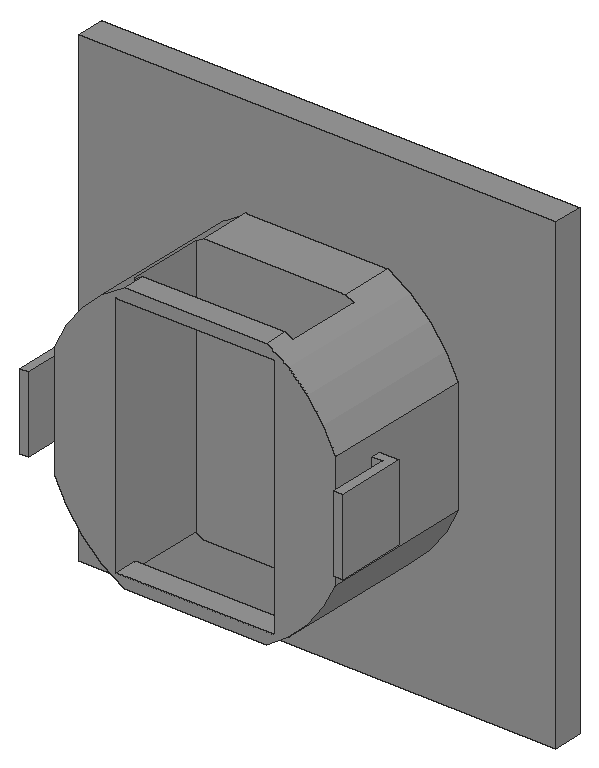
Revit family "IEK_РозеткаТелевизионная_Встраиваемая_Одноместная_КВАРТА", category Устройства связи, Revit 2019
Family settings
  Сохранять ориентацию аннотаций = Да
  Размер круглого соединителя = Использовать диаметр
  Тип детали = Нормальный
  На основе рабочей плоскости = Нет
  Всегда вертикально = Да
  При загрузке вырезать с полостями = Нет
  Общий = Нет
  Точка расчета площади = Нет
Parameters (values of type "РТВ10-ККм")
  Ширина = 81.5 mm  # constant formula
  Тип монтажа = "Встраиваемый"  # constant formula
  Тип соединителя или разъема = "TV-SAT"  # constant formula
  Изготовитель = "IEK"  # constant formula
  Дата изменения = ""
  Глубина = 42.5 mm  # constant formula
  Высота = 80.5 mm  # constant formula
  ΔХ [instance] = 2000 mm
  ΔY [instance] = 2000 mm
  KSI_CPr_Строительные изделия = ""
  KSI_CMa_Строительные материалы = "01.7.14.03"  # constant formula
  IEK_Цена за единицу = 175.56  # constant formula
  IEK_Поиск в таблице имен = ""
  IEK_Описание = "Ассортиментная линейка составлена с учетом тенденций рыночного спроса и включает перечень наиболее актуальных и популярных позиций.\r\nКонструкция шасси позволяет крепить изделие как на винты, так и на распорные лапки в различные типы установочных коробок.\r\nМатериал внутреннего механизма - негорючий АБС-пластик.\r\nШасси розеток и выключателей изготовлены из стали с защитой от коррозии, что обеспечивает надежность и долговечность изделия.\r\nВся продукция соответствует требованиям действующего российского законодательства в области безопасности продукции (ГОСТ IEC 60884-1 - розетки, ГОСТ Р 51324.1-2005 - выключатели, ГОСТ Р 51324.1-2005, ГОСТ Р 51324.2.1-99 - светорегуляторы).\r\nОбразцы новой серии успешно прошли испытания на соответствие требованиям международных стандартов, что подтверждено получением сертификата Таможенного союза, действующего на территории Республики Беларусь, Казахстана и РФ."
  IEK_URL = "https://www.iek.ru/products/catalog/izdeliya_elektroustanovochnye_udliniteli_i_silovye_razemy/elektroustanovochnye_izdeliya/elektroustanovochnye_izdeliya_skrytogo_montazha/elektroustanovochnye_izdeliya_kvarta/elektroustanovochnye_izdeliya_kvarta_tsvet_kremovyy/rozetka_1_mestnaya_televizionnaya_rtv10_kkm_kvarta_kremovyy_iek"
  ADSK_Примечание = ""
  ADSK_Позиция [instance] = ""
  ADSK_Наименование = "Розетка 1-местная телевизионная РТВ10-ККм КВАРТА кремовый IEK"
  ADSK_Материал обозначение = ""
  ADSK_Материал наименование = "АБС-пластик"  # constant formula
  ADSK_Материал = Цвет кремовый
  ADSK_Масса = 0.125
  ADSK_Марка = "КВАРТА"  # constant formula
  ADSK_Код изделия = "EAK10-K33-DM"
  ADSK_Завод-изготовитель = "IEK"  # constant formula
  ADSK_Единица измерения = "шт"  # constant formula
  ADSK_Группирование = ""
  ADSK_Версия семейства = "1.00"  # constant formula
  ADSK_Версия Revit = "2019"  # constant formula
  ADSK_URL страницы изделия = "https://www.iek.ru/products/catalog/izdeliya_elektroustanovochnye_udliniteli_i_silovye_razemy/elektroustanovochnye_izdeliya/elektroustanovochnye_izdeliya_skrytogo_montazha/elektroustanovochnye_izdeliya_kvarta/"
Types (3, lengths in mm): name | IEK_URL | ADSK_Наименование | ADSK_Материал | ADSK_Масса | ADSK_Код изделия
  (no name) | "https://www.iek.ru/products/catalog/izdeliya_elektroustanovochnye_udliniteli_i_silovye_razemy/elektroustanovochnye_izdeliya/elektroustanovochnye_izdeliya_skrytogo_montazha/elektroustanovochnye_izdeliya_kvarta/elektroustanovochnye_izdeliya_kvarta_tsvet_kremovyy/rozetka_1_mestnaya_televizionnaya_rtv10_kkm_kvarta_kremovyy_iek" | "Розетка 1-местная телевизионная РТВ10-ККм КВАРТА кремовый IEK" | Цвет кремовый | 0.125 | "EAK10-K33-DM"
  РТВ10-ККм | "https://www.iek.ru/products/catalog/izdeliya_elektroustanovochnye_udliniteli_i_silovye_razemy/elektroustanovochnye_izdeliya/elektroustanovochnye_izdeliya_skrytogo_montazha/elektroustanovochnye_izdeliya_kvarta/elektroustanovochnye_izdeliya_kvarta_tsvet_kremovyy/rozetka_1_mestnaya_televizionnaya_rtv10_kkm_kvarta_kremovyy_iek" | "Розетка 1-местная телевизионная РТВ10-ККм КВАРТА кремовый IEK" | Цвет кремовый | 0.125 | "EAK10-K33-DM"
  РТВ10-КБ | "https://www.iek.ru/products/catalog/izdeliya_elektroustanovochnye_udliniteli_i_silovye_razemy/elektroustanovochnye_izdeliya/elektroustanovochnye_izdeliya_skrytogo_montazha/elektroustanovochnye_izdeliya_kvarta/elektroustanovochnye_izdeliya_kvarta_tsvet_belyy/rozetka_1_mestnaya_televizionnaya_rtv10_kb_kvarta_belyy_iek" | "Розетка 1-местная телевизионная РТВ10-КБ КВАРТА белый IEK" | Цвет белый | 0.081 | "EAK10-K01-DM"
Reference planes
  plane 1 "По центру (Вперед/Назад)": y = 0
  plane 2: z = 0
  plane 3 "По центру (Влево/Вправо)": x = 0
  plane 4 "Высота ножек": z = 280
  plane 5 "Высота": z = 2081.496
  plane 6: x = -2000
  plane 7: y = 2000
Forms (mm)
  Extrusion 1, solid, material "Цвет кремовый" <- "ADSK_Материал", detail levels fine
    sketch origin (0, 0, 40.187) x (-1, 0, 0) y (0, 0, 1)
      loop
        arc (-12.124, 23) -> (-19.255, 17.479) -> (-24, 9.811) r 25.342
        line (-24, 9.811) -> (-24, -9.811)
        arc (-24, -9.811) -> (-19.255, -17.479) -> (-12.124, -23) r 25.342
        line (-12.124, -23) -> (12.124, -23)
        arc (12.124, -23) -> (19.255, -17.479) -> (24, -9.811) r 25.342
        line (24, -9.811) -> (24, 9.811)
        arc (24, 9.811) -> (19.255, 17.479) -> (12.124, 23) r 25.342
        line (12.124, 23) -> (-12.124, 23)
    from 0 to -26
  Extrusion 2, solid, material "Цвет кремовый" <- "ADSK_Материал", detail levels fine
    sketch origin (0, 0, 40.187) x (-1, 0, 0) y (0, 0, 1)
      loop
        line (-40.75, 40.25) -> (-40.75, -40.25) -> (40.75, -40.25) -> (40.75, 40.25) -> (-40.75, 40.25)
    from 0 to 14.038
  Revolve 3, solid, material "Цвет кремовый" <- "ADSK_Материал", detail levels fine
    sketch origin (0, 0, 40.187) x (0, 0, 1) y (0, 1, 0)
      loop
        line (19.023, 5) -> (21.005, 5) -> (21.005, 13.999)
        arc (21.005, 13.999) -> (20.014, 14.99) -> (19.023, 13.999) r 0.991
        line (19.023, 13.999) -> (19.023, 5)
      axis (0, 13.999) -> (0, 5)
    angle from 0 to 360
  Extrusion 4, void
    sketch origin (0, 0, 40.187) x (-1, 0, 0) y (0, 0, 1)
      loop
        circle (0, 0) r 19.023
    from 5 to 18.875
  Extrusion 5, void
    sketch origin (0.5, 0, 40.974) x (1, 0, 0) y (0, 1, 0)
      loop
        line (40.25, 5) -> (40.25, 18.875) -> (11.84, 18.875) -> (11.84, 14.038) -> (14.912, 14.038)
        spline (14.912, 14.038) -> (16.643, 13.743) -> (18.551, 13.423) -> (20.603, 13.06) -> (22.767, 12.637) -> (25.011, 12.136) -> (27.303, 11.54) -> (29.61, 10.832) -> (31.901, 9.995) -> (34.142, 9.01) -> (36.302, 7.861) -> (38.349, 6.53) -> (40.25, 5)
    from -55.184 to 53.611
  Extrusion 6, void
    sketch origin (0, 0, 40.187) x (-1, 0, 0) y (0, 0, 1)
      loop
        circle (0, 0) r 4.469
      loop
        circle (0, 0) r 2.5
    from 5 to -5
  Extrusion 7, void
    sketch origin (-0.5, 0, 40.974) x (-1, 0, 0) y (0, -1, 0)
      loop
        spline (40.25, -5) -> (38.349, -6.53) -> (36.302, -7.861) -> (34.142, -9.01) -> (31.901, -9.995) -> (29.61, -10.832) -> (27.303, -11.54) -> (25.011, -12.136) -> (22.767, -12.637) -> (20.603, -13.06) -> (18.551, -13.423) -> (16.643, -13.743) -> (14.912, -14.038)
        line (14.912, -14.038) -> (11.84, -14.038) -> (11.84, -18.875) -> (40.25, -18.875) -> (40.25, -5)
    from -55.184 to 53.611
  Extrusion 8, void
    sketch origin (-0.786, 0, 40.187) x (0, 0, -1) y (0, -1, 0)
      loop
        spline (40.25, -5) -> (38.349, -6.53) -> (36.302, -7.861) -> (34.142, -9.01) -> (31.901, -9.995) -> (29.61, -10.832) -> (27.303, -11.54) -> (25.011, -12.136) -> (22.767, -12.637) -> (20.603, -13.06) -> (18.551, -13.423) -> (16.643, -13.743) -> (14.912, -14.038)
        line (14.912, -14.038) -> (11.84, -14.038) -> (11.84, -18.875) -> (40.25, -18.875) -> (40.25, -5)
    from -55.184 to 53.611
  Extrusion 9, void
    sketch origin (-0.786, 0, 40.187) x (0, 0, 1) y (0, 1, 0)
      loop
        line (40.25, 5) -> (40.25, 18.875) -> (11.84, 18.875) -> (11.84, 14.038) -> (14.912, 14.038)
        spline (14.912, 14.038) -> (16.643, 13.743) -> (18.551, 13.423) -> (20.603, 13.06) -> (22.767, 12.637) -> (25.011, 12.136) -> (27.303, 11.54) -> (29.61, 10.832) -> (31.901, 9.995) -> (34.142, 9.01) -> (36.302, 7.861) -> (38.349, 6.53) -> (40.25, 5)
    from -55.184 to 53.611
  Extrusion 10, void
    sketch origin (0, 0, 40.187) x (-1, 0, 0) y (0, 0, 1)
      loop
        circle (0, 0) r 1.3
    from -5 to 5
  Extrusion 11, void
    sketch origin (0, 0, 40.187) x (0, 1, 0) y (-1, 0, 0)
      loop
        line (-9, -13.5) -> (-9, 13.5) -> (-22, 13.5) -> (-22, -13.5) -> (-9, -13.5)
    from -23 to 23
  Extrusion 12, void
    sketch origin (0, 0, 40.187) x (-1, 0, 0) y (0, 0, 1)
      loop
        line (-13.5, 21) -> (-13.5, -21) -> (13.5, -21) -> (13.5, 21) -> (-13.5, 21)
    from -26 to -22
  Extrusion 13, void
    sketch origin (0, 0, 40.187) x (-1, 0, 0) y (0, 0, 1)
      loop
        circle (0, 0) r 5
    from -6 to 5
  Extrusion 14, solid, material "Латунь", detail levels fine
    sketch origin (0, 0, 40.187) x (-1, 0, 0) y (0, 0, 1)
      loop
        circle (0, 0) r 5
    from -6 to 5
  Extrusion 15, solid, material "Цвет кремовый" <- "ADSK_Материал", detail levels fine
    sketch origin (0, 0, 0) x (1, 0, 0) y (0, 1, 0)
      loop
        line (24, -17) -> (24, -18.5) -> (26, -18.5) -> (26, -29) -> (27.5, -29) -> (27.5, -17) -> (24, -17)
      loop
        line (-24, -17) -> (-27.5, -17) -> (-27.5, -29) -> (-26, -29) -> (-26, -18.5) -> (-24, -18.5) -> (-24, -17)
    from 33.8 to 46.8
  Extrusion 16, solid, material "Условный материал-отделка", detail levels coarse
    sketch origin (0, 0, 0) x (1, 0, 0) y (0, 1, 0)
      loop
        line (-40.75, 15) -> (-40.75, -29) -> (40.75, -29) -> (40.75, 15) -> (-40.75, 15)
    from 0 to 80.5
  Extrusion 17, solid, material "Условный материал-отделка", detail levels medium
    sketch origin (0, 0, 0) x (1, 0, 0) y (0, 1, 0)
      loop
        line (-40.75, 15) -> (-40.75, -29) -> (40.75, -29) -> (40.75, 15) -> (-40.75, 15)
    from 0 to 80.5
Cuts and joins
  Extrusion 4, Extrusion 5, Extrusion 7, Extrusion 8, Extrusion 9, Extrusion 13 cuts Extrusion 2
  Extrusion 11, Extrusion 12, Extrusion 13 cuts Extrusion 1
  Extrusion 4, Extrusion 6 cuts Revolve 3
  Extrusion 6, Extrusion 10 cuts Extrusion 14
Lines and regions (mm)
  reference lines
    curve 1: line (0, 32.62, 0) -> (0, -67.38, 0)
    curve 2: line (-40.265, 0, 0) -> (99.735, 0, 0)
Dimensions and locks
  locked: plane 4 "Высота ножек" to plane 2 at 280
  plane 5 "Высота" to plane 4 "Высота ножек" = 1801.496 mm
  "ΔХ": plane 6 to curve 1
  "ΔY": plane 7 to curve 2
  aligned and locked: level to plane 2
  aligned and locked: nested 1 to curve 1
  aligned and locked: curve 2 to nested 1
Automatic sketch dimensions
  plane 3 "По центру (Влево/Вправо)" to Extrusion 1 sketch curve = 24 mm
  plane 3 "По центру (Влево/Вправо)" to Extrusion 1 sketch curve = 12.124 mm  (x2)
  plane 3 "По центру (Влево/Вправо)" to Extrusion 1 sketch curve = 0.422 mm  (x2)
  Extrusion 1 sketch curve to plane 3 "По центру (Влево/Вправо)" = 0.422 mm  (x2)
  Extrusion 1 sketch curve to plane 3 "По центру (Влево/Вправо)" = 12.124 mm  (x2)
  Extrusion 1 sketch curve to Extrusion 1 sketch curve = 11.876 mm
  level to Extrusion 1 sketch curve = 17.187 mm
  Extrusion 1 sketch curve to Extrusion 1 sketch curve = 13.189 mm  (x2)
  Extrusion 1 sketch curve to Extrusion 1 sketch curve = 1.043 mm
  Extrusion 1 sketch curve to Extrusion 1 sketch curve = 0 mm
  Extrusion 1 sketch curve to Extrusion 1 sketch curve = 19.622 mm
  Extrusion 2 sketch curve to level = 0.063 mm
  plane 3 "По центру (Влево/Вправо)" to Extrusion 2 sketch curve = 40.75 mm
  Extrusion 2 sketch curve to plane 3 "По центру (Влево/Вправо)" = 40.75 mm
  level to Extrusion 2 sketch curve = 80.437 mm
  Revolve 3 sketch curve to plane 1 "По центру (Вперед/Назад)" = 13.999 mm
  level to Revolve 3 sketch curve = 59.211 mm
  Revolve 3 sketch curve to Revolve 3 sketch curve = 0.991 mm
  Revolve 3 sketch curve to Revolve 3 sketch curve = 8.999 mm
  level to Revolve 3 sketch curve = 40.187 mm
  plane 1 "По центру (Вперед/Назад)" to Revolve 3 sketch curve = 609.6 mm
  plane 7 to Revolve 3 sketch curve = 343.807 mm
  Extrusion 4 sketch curve to plane 3 "По центру (Влево/Вправо)" = 0 mm
  level to Extrusion 4 sketch curve = 40.187 mm
  plane 3 "По центру (Влево/Вправо)" to Extrusion 5 sketch curve = 12.34 mm
  Extrusion 5 sketch curve to Extrusion 5 sketch curve = 3.071 mm
  Extrusion 5 sketch curve to plane 1 "По центру (Вперед/Назад)" = 5 mm
  Extrusion 5 sketch curve to Extrusion 5 sketch curve = 25.338 mm
  Extrusion 5 sketch curve to plane 1 "По центру (Вперед/Назад)" = 14.038 mm
  Extrusion 5 sketch curve to Extrusion 5 sketch curve = 4.837 mm
  Extrusion 6 sketch curve to Extrusion 6 sketch curve = 0 mm  (x2)
  Extrusion 6 sketch curve to plane 3 "По центру (Влево/Вправо)" = 0 mm
  level to Extrusion 6 sketch curve = 40.187 mm
  Extrusion 7 sketch curve to plane 3 "По центру (Влево/Вправо)" = 12.34 mm
  Extrusion 7 sketch curve to Extrusion 7 sketch curve = 3.071 mm
  Extrusion 7 sketch curve to plane 1 "По центру (Вперед/Назад)" = 5 mm
  Extrusion 7 sketch curve to Extrusion 7 sketch curve = 25.338 mm
  Extrusion 7 sketch curve to plane 1 "По центру (Вперед/Назад)" = 14.038 mm
  Extrusion 7 sketch curve to Extrusion 7 sketch curve = 13.875 mm
  level to Extrusion 8 sketch curve = 28.347 mm
  Extrusion 8 sketch curve to Extrusion 8 sketch curve = 3.071 mm
  Extrusion 8 sketch curve to level = 0.063 mm
  Extrusion 8 sketch curve to plane 1 "По центру (Вперед/Назад)" = 18.875 mm
  Extrusion 8 sketch curve to Extrusion 8 sketch curve = 4.837 mm
  Extrusion 8 sketch curve to plane 1 "По центру (Вперед/Назад)" = 5 mm
  Extrusion 9 sketch curve to plane 1 "По центру (Вперед/Назад)" = 18.875 mm
  level to Extrusion 9 sketch curve = 52.028 mm
  Extrusion 9 sketch curve to plane 1 "По центру (Вперед/Назад)" = 14.038 mm
  Extrusion 9 sketch curve to Extrusion 9 sketch curve = 3.071 mm
  Extrusion 9 sketch curve to plane 1 "По центру (Вперед/Назад)" = 5 mm
  Extrusion 9 sketch curve to Extrusion 9 sketch curve = 25.338 mm
  Extrusion 10 sketch curve to plane 3 "По центру (Влево/Вправо)" = 0 mm
  level to Extrusion 10 sketch curve = 40.187 mm
  plane 1 "По центру (Вперед/Назад)" to Extrusion 11 sketch curve = 22 mm
  plane 1 "По центру (Вперед/Назад)" to Extrusion 11 sketch curve = 9 mm
  plane 3 "По центру (Влево/Вправо)" to Extrusion 11 sketch curve = 13.5 mm
  Extrusion 11 sketch curve to plane 3 "По центру (Влево/Вправо)" = 13.5 mm
  plane 3 "По центру (Влево/Вправо)" to Extrusion 12 sketch curve = 13.5 mm
  Extrusion 12 sketch curve to plane 3 "По центру (Влево/Вправо)" = 13.5 mm
  level to Extrusion 12 sketch curve = 19.187 mm
  Extrusion 12 sketch curve to Extrusion 12 sketch curve = 42 mm
  Extrusion 13 sketch curve to plane 3 "По центру (Влево/Вправо)" = 0 mm
  level to Extrusion 13 sketch curve = 40.187 mm
  Extrusion 14 sketch curve to plane 3 "По центру (Влево/Вправо)" = 0 mm
  level to Extrusion 14 sketch curve = 40.187 mm
  Extrusion 15 sketch curve to plane 3 "По центру (Влево/Вправо)" = 27.5 mm
  Extrusion 15 sketch curve to Extrusion 15 sketch curve = 1.5 mm  (x4)
  Extrusion 15 sketch curve to Extrusion 15 sketch curve = 2 mm  (x2)
  plane 3 "По центру (Влево/Вправо)" to Extrusion 15 sketch curve = 24 mm
  plane 1 "По центру (Вперед/Назад)" to Extrusion 15 sketch curve = 29 mm  (x2)
  Extrusion 15 sketch curve to Extrusion 15 sketch curve = 10.5 mm  (x2)
  Extrusion 16 sketch curve to plane 3 "По центру (Влево/Вправо)" = 40.75 mm
  plane 3 "По центру (Влево/Вправо)" to Extrusion 16 sketch curve = 40.75 mm
  plane 1 "По центру (Вперед/Назад)" to Extrusion 16 sketch curve = 29 mm
  Extrusion 16 sketch curve to plane 1 "По центру (Вперед/Назад)" = 15 mm
  Extrusion 17 sketch curve to plane 3 "По центру (Влево/Вправо)" = 40.75 mm
  plane 3 "По центру (Влево/Вправо)" to Extrusion 17 sketch curve = 40.75 mm
  plane 1 "По центру (Вперед/Назад)" to Extrusion 17 sketch curve = 29 mm
  Extrusion 17 sketch curve to plane 1 "По центру (Вперед/Назад)" = 15 mm
  curve 2 to plane 3 "По центру (Влево/Вправо)" = 40.265 mm
  plane 3 "По центру (Влево/Вправо)" to curve 2 = 99.735 mm
  plane 1 "По центру (Вперед/Назад)" to curve 1 = 67.38 mm
  curve 1 to plane 1 "По центру (Вперед/Назад)" = 32.62 mm
  radius of Extrusion 4 sketch curve = 19.023 mm
  radius of Extrusion 6 sketch curve = 4.469 mm
  radius of Extrusion 6 sketch curve = 2.5 mm
  radius of Extrusion 10 sketch curve = 1.3 mm
  radius of Extrusion 13 sketch curve = 5 mm
  radius of Extrusion 14 sketch curve = 5 mm
Nested families
  nested 1: "УГО Розетки связистской" at (0, 0, 0), type "Розетка телевизионная", detail levels coarse+medium
Connectors
  electrical at (0, 0, 40.187)
    settings: on cut or joined group of Extrusion 2, Extrusion 4, Extrusion 5, Extrusion 7, Extrusion 8, Extrusion 9, Extrusion 13, index 1, voltage 0 V, apparent load 0 VA, apparent load phase1 0 VA, apparent load phase2 0 VA, apparent load phase3 0 VA, power factor 1, load classification "Прочее", number of poles 1, system type 9, power factor state 1, is connector primary yes, connector utility no, sub classification motor no, connector description ""
Definition of nested family "УГО Розетки связистской"
  Parameters (values of type "Розетка телефонная")
    Розетка телефонная = yes
    Розетка сетевая (Интернет) = no
    Розетка сетевая и телефонная = no
    Розетка телевизионная = no
  Types (4, lengths in mm): name | Розетка телефонная | Розетка сетевая (Интернет) | Розетка сетевая и телефонная | Розетка телевизионная
    Розетка телевизионная | no | no | no | yes
    Розетка сетевая (Интернет) | no | yes | no | no
    Розетка сетевая и телефонная | no | no | yes | no
    Розетка телефонная | yes | no | no | no
  Reference planes
    plane 1: y = 0
    plane 2: x = 0
  Lines and regions (mm)
    Filled region 1, type "Цветовая область 1", visible <- "Розетка телефонная"
      outline origin (0, 0, 0) x (1, 0, 0) y (0, 1, 0)
        loop
          line (-0.512, 1.977) -> (-0.512, 3.023) -> (-1.53, 3.023) -> (-1.53, 1.977) -> (-0.512, 1.977)
        loop
          line (0.512, 1.977) -> (1.53, 1.977) -> (1.53, 3.023) -> (0.512, 3.023) -> (0.512, 1.977)
    Filled region 2, type "Цветовая область 1", visible <- "Розетка телефонная", not visible
      outline origin (0, 0, 0) x (1, 0, 0) y (0, 1, 0)
        loop
          line (8.078, 7.617) -> (8.078, 8.664) -> (7.06, 8.664) -> (7.06, 7.617) -> (8.078, 7.617)
        loop
          line (9.101, 7.617) -> (10.119, 7.617) -> (10.119, 8.664) -> (9.101, 8.664) -> (9.101, 7.617)
    Filled region 3, type "Цветовая область 1", visible <- "Розетка сетевая и телефонная"
      outline origin (0, 0, 0) x (1, 0, 0) y (0, 1, 0)
        loop
          line (0.994, 4) -> (0.994, 3) -> (1.994, 3) -> (1.994, 4) -> (0.994, 4)
        loop
          line (3.019, 3) -> (4.019, 3) -> (4.019, 4) -> (3.019, 4) -> (3.019, 3)
    Filled region 4, type "Цветовая область 1", visible <- "Розетка сетевая и телефонная", not visible
      outline origin (0, 0, 0) x (1, 0, 0) y (0, 1, 0)
        loop
          line (28.769, 14.987) -> (28.769, 13.987) -> (29.769, 13.987) -> (29.769, 14.987) -> (28.769, 14.987)
        loop
          line (30.794, 13.987) -> (31.794, 13.987) -> (31.794, 14.987) -> (30.794, 14.987) -> (30.794, 13.987)
    detail lines
      curve 1: line (0.006, 0, 0) -> (0.006, 2.454, 0)
      curve 2: line (0.006, 0, 0) -> (2.217, 0, 0)
    detail lines, visible <- "Розетка сетевая (Интернет)", not visible
      curve 3: line (2.5, 1.221, 0) -> (-2.5, 1.221, 0)
      curve 4: line (2.5, 6.221, 0) -> (-2.5, 6.221, 0)
      curve 5: line (0, 6.221, 0) -> (-2.5, 1.221, 0)
      curve 6: line (0, 6.221, 0) -> (2.5, 1.221, 0)
    detail lines, visible <- "Розетка телевизионная", not visible
      curve 7: line (19.458, 13.285, 0) -> (24.458, 13.285, 0)
      curve 8: line (19.458, 8.285, 0) -> (24.458, 8.285, 0)
      curve 9: line (21.958, 13.285, 0) -> (19.458, 8.285, 0)
      curve 10: line (21.958, 13.285, 0) -> (24.458, 8.285, 0)
    detail lines, visible <- "Розетка сетевая (Интернет)"
      curve 11: line (2.506, 0, 0) -> (-2.494, 0, 0)
      curve 12: line (2.506, 5, 0) -> (-2.494, 5, 0)
      curve 13: line (0.006, 5, 0) -> (-2.494, 0, 0)
      curve 14: line (0.006, 5, 0) -> (2.506, 0, 0)
    detail lines, visible <- "Розетка телевизионная"
      curve 15: line (-2.494, 5, 0) -> (2.506, 5, 0)
      curve 16: line (-2.494, 0, 0) -> (2.506, 0, 0)
      curve 17: line (0.006, 5, 0) -> (-2.494, 0, 0)
      curve 18: line (0.006, 5, 0) -> (2.506, 0, 0)
    detail lines, visible <- "Розетка телефонная"
      curve 19: circle (0.006, 2.5, 0) r 2.5 normal (0, 0, 1)
      curve 21: line (-1.53, 3.023, 0) -> (-1.53, 1.977, 0)
      curve 22: line (-1.53, 1.977, 0) -> (-0.512, 1.977, 0)
      curve 23: line (-0.512, 1.977, 0) -> (-0.512, 3.023, 0)
      curve 24: line (-0.512, 3.023, 0) -> (-1.53, 3.023, 0)
      curve 25: line (1.53, 3.023, 0) -> (1.53, 1.977, 0)
      curve 26: line (1.53, 1.977, 0) -> (0.512, 1.977, 0)
      curve 27: line (0.512, 1.977, 0) -> (0.512, 3.023, 0)
      curve 28: line (0.512, 3.023, 0) -> (1.53, 3.023, 0)
    detail lines, visible <- "Розетка телефонная", not visible
      curve 20: circle (8.596, 8.14, 0) r 2.5 normal (0, 0, 1)
      curve 29: line (7.06, 8.664, 0) -> (7.06, 7.617, 0)
      curve 30: line (7.06, 7.617, 0) -> (8.078, 7.617, 0)
      curve 31: line (8.078, 7.617, 0) -> (8.078, 8.664, 0)
      curve 32: line (8.078, 8.664, 0) -> (7.06, 8.664, 0)
      curve 33: line (10.119, 8.664, 0) -> (10.119, 7.617, 0)
      curve 34: line (10.119, 7.617, 0) -> (9.101, 7.617, 0)
      curve 35: line (9.101, 7.617, 0) -> (9.101, 8.664, 0)
      curve 36: line (9.101, 8.664, 0) -> (10.119, 8.664, 0)
    detail lines, visible <- "Розетка сетевая и телефонная"
      curve 37: line (-5.994, 7, 0) -> (6.006, 7, 0)
      curve 38: line (-5.994, 0, 0) -> (-5.994, 7, 0)
      curve 39: line (6.006, 0, 0) -> (-5.994, 0, 0)
      curve 40: line (6.006, 7, 0) -> (6.006, 0, 0)
      curve 41: line (-4.994, 1, 0) -> (0.006, 1, 0)
      curve 42: line (-2.474, 6, 0) -> (-4.994, 1, 0)
      curve 43: line (-2.474, 6, 0) -> (0.006, 1, 0)
      curve 44: circle (2.506, 3.5, 0) r 2.5 normal (0, 0, 1)
      curve 45: line (-4.994, 6, 0) -> (0.006, 6, 0)
      curve 46: line (0.994, 4, 0) -> (0.994, 3, 0)
      curve 47: line (0.994, 3, 0) -> (1.994, 3, 0)
      curve 48: line (1.994, 3, 0) -> (1.994, 4, 0)
      curve 49: line (1.994, 4, 0) -> (0.994, 4, 0)
      curve 50: line (4.019, 4, 0) -> (4.019, 3, 0)
      curve 51: line (4.019, 3, 0) -> (3.019, 3, 0)
      curve 52: line (3.019, 3, 0) -> (3.019, 4, 0)
      curve 53: line (3.019, 4, 0) -> (4.019, 4, 0)
    detail lines, visible <- "Розетка сетевая и телефонная", not visible
      curve 54: line (21.782, 17.987, 0) -> (33.782, 17.987, 0)
      curve 55: line (21.782, 10.987, 0) -> (21.782, 17.987, 0)
      curve 56: line (33.782, 10.987, 0) -> (21.782, 10.987, 0)
      curve 57: line (33.782, 17.987, 0) -> (33.782, 10.987, 0)
      curve 58: line (22.782, 11.987, 0) -> (27.782, 11.987, 0)
      curve 59: line (25.301, 16.987, 0) -> (22.782, 11.987, 0)
      curve 60: line (25.301, 16.987, 0) -> (27.782, 11.987, 0)
      curve 61: circle (30.282, 14.487, 0) r 2.5 normal (0, 0, 1)
      curve 62: line (22.782, 16.987, 0) -> (27.782, 16.987, 0)
      curve 63: line (28.769, 14.987, 0) -> (28.769, 13.987, 0)
      curve 64: line (28.769, 13.987, 0) -> (29.769, 13.987, 0)
      curve 65: line (29.769, 13.987, 0) -> (29.769, 14.987, 0)
      curve 66: line (29.769, 14.987, 0) -> (28.769, 14.987, 0)
      curve 67: line (31.794, 14.987, 0) -> (31.794, 13.987, 0)
      curve 68: line (31.794, 13.987, 0) -> (30.794, 13.987, 0)
      curve 69: line (30.794, 13.987, 0) -> (30.794, 14.987, 0)
      curve 70: line (30.794, 14.987, 0) -> (31.794, 14.987, 0)
  Text (mm)
    text "TV" at (20.688, 11.147, 0), visible <- "Розетка телевизионная", not visible
    text "TV" at (-1.264, 2.862, 0), visible <- "Розетка телевизионная"
